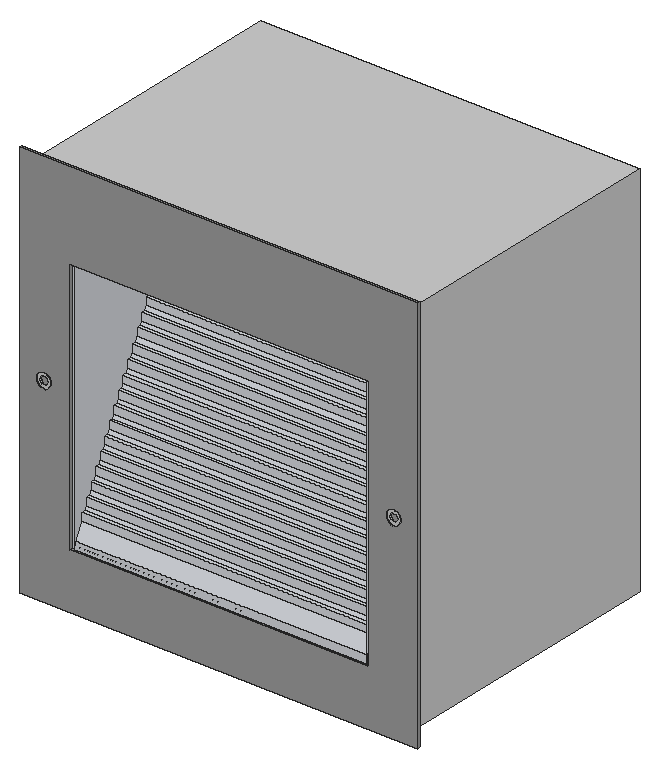
Revit family "WALL LIGHT 04_LK1807WW", category Luminarias, Revit 2019
Family settings
  Cota de conector redondo = Diámetro de uso
  Tipo de pieza = Normal
  Se basa en plano de trabajo = Sí
  Siempre vertical = No
  Corte con vacíos al cargar = No
  Origen de luz = Sí
  Compartido = No
  Punto de cálculo de habitación = No
Parameters (values of type "WALL LIGHT 04_LK1807WW")
  Ángulo de inclinación = 60.00°
  Zone [instance] = ""
  Watt per fixture = 3.6
  Wattage = 3.6 W
  built-in parameter 1150107 = 3000 (stored number, unit not read)
  built-in parameter 1150110 = 1 (stored number, unit not read)
  built-in parameter 1150109 = 1 (stored number, unit not read)
  built-in parameter 1150112 = 1 (stored number, unit not read)
  built-in parameter 1150113 = 1 (stored number, unit not read)
  built-in parameter 1114218 = 1 (stored number, unit not read)
  Keynote = ""
  built-in parameter 1150137 = (empty or 0)
  built-in parameter 1150132 = (empty or 0)
  Modelo = "LK1807WW"
  Lámpara = "SMD 3020"
  Longitud [instance] = 1000 mm
  built-in parameter 1150105 = 3.8188 (stored number, unit not read)
  built-in parameter 1150102 = (empty or 0)
  built-in parameter 1150106 = 0.038188 (stored number, unit not read)
  Lumens = 47.988 lm
  Color Filter = 16777215
  built-in parameter 1114217 = 1 (stored number, unit not read)
  built-in parameter 1150139 = (empty or 0)
  Fabricante = "BRILLANT"
  Default Elevation = 0 mm
  built-in parameter 1150104 = 1.2384 (stored number, unit not read)
  Descripción = "LUMINARIA TIPO RECTANGULAR PARA EMPOTRAR EN MURO CON CUERPO DE ALUMINIO FUNDIDO A PRESION CUBIERTO CON POLVO GRIS OSCURO, IP 65 USO PARA INTERIORES O EXTERIORES CON CUERPO DE 2.7KG, CUENTA CON 18 LED TIPO SMD3020 CON UNA POTENCIA TOTAL DE 3.6W, A UNA TEMPERATURA EN BLANCO CALIDO 3000K CON 48 LUMENES, EFICIENCIA DE 13.33LM/W, IRC 80, IK10,  APERTURA A 120 GRADOS EN STOCK, 26mA EN CORRIENTE DE OPERACIÓN, ALIMENTADA A 100-240V."
  built-in parameter 1150115 = 1 (stored number, unit not read)
  built-in parameter 1150114 = 1 (stored number, unit not read)
  Comentarios de vataje = "100-240V"
  built-in parameter 1150138 = (empty or 0)
  built-in parameter 1150134 = (empty or 0)
  Circuit [instance] = ""
  Dimming Lamp Color Temperature Shift = (empty or 0)
  Archivo de red fotométrica = "LK1807WW.IES"
  built-in parameter 1150133 = 10 (stored number, unit not read)
Reference planes
  plane 1 "Centro (Frontal/Posterior)": y = 0
  plane 2: z = 0
  plane 3 "Centro (Izquierda/Derecha)": x = 0
Forms (mm)
  Extrusion 1, solid, material "Acabado Blanco"
    sketch origin (0, 0, 0) x (1, 0, 0) y (0, 0, 1)
      loop
        line (-79.79, 160) -> (-79.79, 0) -> (79.79, 0) -> (79.79, 160) -> (-79.79, 160)
      loop
        line (-60, 125) -> (-60, 22.305) -> (60, 22.305) -> (60, 125) -> (-60, 125)
    from -1.076 to 0
  Extrusion 2, solid, material "Acero Inoxidable"
    sketch origin (0, 0, 0) x (1, 0, 0) y (0, 0, 1)
      loop
        line (-76, 156) -> (-76, 4) -> (76, 4) -> (76, 156) -> (-76, 156)
      loop
        line (-74.8, 154.8) -> (-74.8, 5.2) -> (74.8, 5.2) -> (74.8, 154.8) -> (-74.8, 154.8)
    from -113.019 to -1.076
  Extrusion 3, solid, material "Acero Inoxidable"
    sketch origin (0, 0, 0) x (1, 0, 0) y (0, 0, 1)
      loop
        line (-76, 156) -> (-76, 4) -> (76, 4) -> (76, 156) -> (-76, 156)
    from -115.839 to -113.019
  Extrusion 4, void
    sketch origin (0, 0, 0) x (1, 0, 0) y (0, 0, 1)
      loop
        circle (-66.764, 77.896) r 5
      loop
        circle (67.47, 17.948) r 5
    from -115.839 to -113.019
  Extrusion 5, solid
    sketch origin (-5.531, 0, 17.605) x (0, 0, 1) y (0, -1, 0)
      loop
        line (97.076, -48.145) -> (118.595, -48.145) -> (118.595, -1.076) -> (117.095, -1.076) -> (117.095, -46.645) -> (97.436, -46.645) -> (93.704, -44.743) -> (93.704, -43.158) -> (90.592, -43.158) -> (89.213, -42.455) -> (89.213, -40.87) -> (86.102, -40.87) -> (84.723, -40.167) -> (84.723, -38.582) -> (81.611, -38.582) -> (80.232, -37.879) -> (80.232, -36.294) -> (77.121, -36.294) -> (75.742, -35.591) -> (75.742, -34.006) -> (72.631, -34.006) -> (71.252, -33.303) -> (71.252, -31.718) -> (68.14, -31.718) -> (66.341, -30.801) -> (66.341, -29.216) -> (63.23, -29.216) -> (61.851, -28.513) -> (61.851, -26.928) -> (58.739, -26.928) -> (57.36, -26.225) -> (57.36, -24.64) -> (54.249, -24.64) -> (52.87, -23.937) -> (52.87, -22.352) -> (49.758, -22.352) -> (48.379, -21.649) -> (48.379, -20.064) -> (45.268, -20.064) -> (43.889, -19.361) -> (43.889, -17.776) -> (40.778, -17.776) -> (39.399, -17.073) -> (39.399, -15.488) -> (36.287, -15.488) -> (34.908, -14.785) -> (34.908, -13.2) -> (31.797, -13.2) -> (30.418, -12.497) -> (30.418, -10.912) -> (27.306, -10.912) -> (25.927, -10.209) -> (25.927, -8.624) -> (22.816, -8.624) -> (21.437, -7.921) -> (21.437, -6.336) -> (18.325, -6.336) -> (16.947, -5.633) -> (16.947, -4.048) -> (13.835, -4.048) -> (8.003, -1.076) -> (4.699, -1.076) -> (97.076, -48.145)
    from -52.969 to 64.031
  Extrusion 6, solid
    sketch origin (0, 0, 0) x (1, 0, 0) y (0, 0, 1)
      loop
        line (-60, 137.7) -> (-60, 22.305) -> (60, 22.305) -> (60, 137.7) -> (-60, 137.7)
      loop
        line (-58.5, 23.805) -> (58.5, 23.805) -> (58.5, 136.2) -> (-58.5, 136.2) -> (-58.5, 23.805)
    from -1.076 to -48.145
  Extrusion 7, void
    sketch origin (0, 0, 0) x (1, 0, 0) y (0, 0, 1)
      loop
        circle (-70.147, 79.462) r 3.001
      loop
        circle (70.147, 79.462) r 3.001
    from -0.64 to 0
  Extrusion 8, solid, material "Acero Inoxidable"
    sketch origin (0, 0, 0) x (1, 0, 0) y (0, 0, 1)
      loop
        line (-71.064, 81.051) -> (-71.981, 79.462) -> (-71.064, 77.874) -> (-69.23, 77.874) -> (-68.312, 79.462) -> (-69.23, 81.051) -> (-71.064, 81.051)
      loop
        circle (-70.147, 79.462) r 2.697
      loop
        line (71.064, 81.051) -> (69.23, 81.051) -> (68.312, 79.462) -> (69.23, 77.874) -> (71.064, 77.874) -> (71.981, 79.462) -> (71.064, 81.051)
      loop
        circle (70.147, 79.462) r 2.697
    from -0.582 to 0
  Extrusion 9, solid
    sketch origin (0, 0, 0) x (0, 1, 0) y (0, 0, 1)
      loop
        line (26.076, 154.8) -> (13.576, 154.8) -> (13.576, 142.3) -> (14.776, 142.3) -> (14.776, 153.6) -> (26.076, 153.6) -> (26.076, 154.8)
      loop
        line (26.076, 5.2) -> (26.076, 6.4) -> (14.776, 6.4) -> (14.776, 17.7) -> (13.576, 17.7) -> (13.576, 5.2) -> (26.076, 5.2)
    from -15 to 15
  Extrusion 10, solid
    sketch origin (0, 0, 0) x (1, 0, 0) y (0, 1, 0)
      loop
        line (74.8, 16.548) -> (73.6, 16.548) -> (73.6, 5.248) -> (62.3, 5.248) -> (62.3, 4.048) -> (74.8, 4.048) -> (74.8, 16.548)
      loop
        line (-74.8, 16.548) -> (-74.8, 4.048) -> (-62.3, 4.048) -> (-62.3, 5.248) -> (-73.6, 5.248) -> (-73.6, 16.548) -> (-74.8, 16.548)
    from 64 to 94
Cuts and joins
  Extrusion 4, Extrusion 7 cuts Extrusion 1
  Extrusion 4 cuts Extrusion 3
  joined: Extrusion 2, Extrusion 3
Dimensions and locks
  plane 1 "Centro (Frontal/Posterior)" to Extrusion 2 = 113.019 mm
  cut or joined group of Extrusion 1, Extrusion 4, Extrusion 7 to cut or joined group of Extrusion 1, Extrusion 4, Extrusion 7 = 160 mm  (x2)
  cut or joined group of Extrusion 1, Extrusion 4, Extrusion 7 to cut or joined group of Extrusion 2, Extrusion 3, Extrusion 4 = 115.839 mm
  cut or joined group of Extrusion 1, Extrusion 4, Extrusion 7 to level = 125 mm
  level to cut or joined group of Extrusion 1, Extrusion 4, Extrusion 7 = 125 mm
  cut or joined group of Extrusion 1, Extrusion 4, Extrusion 7 to cut or joined group of Extrusion 1, Extrusion 4, Extrusion 7 = 120 mm
  cut or joined group of Extrusion 2, Extrusion 3, Extrusion 4 to cut or joined group of Extrusion 1, Extrusion 4, Extrusion 7 = 115.839 mm  (x2)
  Extrusion 10 to level = 64 mm
  Extrusion 10 to Extrusion 10 = 30 mm
  aligned and locked: level to plane 2
  aligned and locked: Extrusion 2 to Extrusion 3
  aligned and locked: Extrusion 3 to Extrusion 4
  aligned and locked: Extrusion 4 to Extrusion 2
Connectors
  electrical at (67.47, 115.839, 17.948)
    settings: on cut or joined group of Extrusion 2, Extrusion 3, Extrusion 4, index 1, voltage 240 V, apparent load 0 VA, apparent load phase1 0 VA, apparent load phase2 0 VA, apparent load phase3 0 VA, power factor 1, load classification "Otro", number of poles 1, system type 31, power factor state 1, is connector primary yes, connector utility no, sub classification motor no, connector description ""
